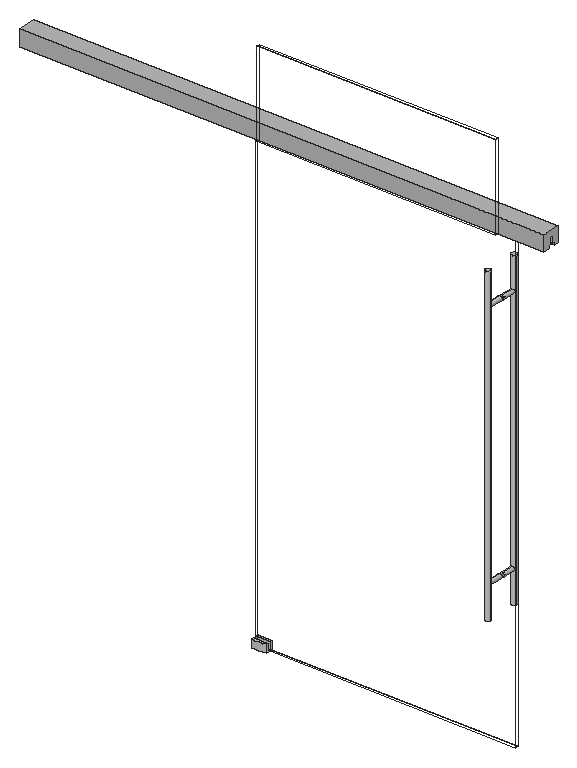
Revit family "Doors_Sliding_Avanti_Systems_Polaris-Auto-Magnetic-Slider_Single-Glass-Mount-Dbl-Glazed", category Doors, Revit 2015 (continued)
Definition of nested family "Rail-Detail"
  Lines and regions (in)
    model lines, in view "Ref. Level"
      curve 12: arc (0.87642, -1.07804, 0) -> (0.89912, -1.03347, 0) -> (0.87642, -0.9889, 0) r 0.05512
      curve 13: arc (0.87156, -0.97934, 0) -> (0.87285, -0.9847, 0) -> (0.87642, -0.9889, 0) r 0.01182
      curve 14: arc (0.87156, -0.94488, 0) -> (0.86925, -0.93932, 0) -> (0.86369, -0.93701, 0) r 0.00787
      curve 15: arc (0.82432, -0.93701, 0) -> (0.81875, -0.93932, 0) -> (0.81644, -0.94488, 0) r 0.00787
      curve 16: arc (0.81158, -0.98889, 0) -> (0.81516, -0.9847, 0) -> (0.81644, -0.97934, 0) r 0.01182
      curve 17: arc (0.80088, -0.9941, 0) -> (0.80493, -0.99338, 0) -> (0.80848, -0.99132, 0) r 0.0118
      curve 18: arc (0.74558, -0.98229, 0) -> (0.74903, -0.99064, 0) -> (0.75739, -0.9941, 0) r 0.01181
      curve 19: arc (0.75739, -0.88583, 0) -> (0.74903, -0.88929, 0) -> (0.74558, -0.89764, 0) r 0.01181
      curve 20: arc (1.00148, -0.89764, 0) -> (0.99802, -0.88929, 0) -> (0.98967, -0.88583, 0) r 0.01181
      curve 21: arc (1.00148, -1.09055, 0) -> (1.00494, -1.0989, 0) -> (1.01329, -1.10236, 0) r 0.01181
      curve 22: arc (1.26526, -1.10236, 0) -> (1.27361, -1.0989, 0) -> (1.27707, -1.09055, 0) r 0.01181
      curve 23: arc (1.27707, 0.68898, 0) -> (1.26554, 0.71682, 0) -> (1.2377, 0.72835, 0) r 0.03937
      curve 24: arc (1.21802, 0.74016, 0) -> (1.22148, 0.73181, 0) -> (1.22983, 0.72835, 0) r 0.01181
      curve 25: arc (1.21802, 1.01968, 0) -> (1.21571, 1.02525, 0) -> (1.21014, 1.02756, 0) r 0.00788
      curve 26: arc (0.844, 1.09843, 0) -> (0.80857, 1.06299, 0) -> (0.844, 1.02756, 0) r 0.03543
      curve 27: arc (1.07629, 1.09843, 0) -> (1.08185, 1.10073, 0) -> (1.08416, 1.1063, 0) r 0.00787
      curve 28: arc (1.09204, 1.16142, 0) -> (1.08647, 1.15911, 0) -> (1.08416, 1.15354, 0) r 0.00788
      curve 29: arc (-1.25049, 0.88583, 0) -> (-1.25884, 0.88237, 0) -> (-1.2623, 0.87402, 0) r 0.01181
      curve 30: arc (-1.2623, -0.87402, 0) -> (-1.25884, -0.88237, 0) -> (-1.25049, -0.88583, 0) r 0.01181
      curve 31: arc (-0.46309, -0.9941, 0) -> (-0.45474, -0.99064, 0) -> (-0.45128, -0.98229, 0) r 0.01181
      curve 32: arc (-0.51419, -0.99132, 0) -> (-0.51689, -0.98918, 0) -> (-0.51971, -0.98722, 0) r 0.05492
      curve 33: arc (0.82235, 0.88583, 0) -> (0.814, 0.88237, 0) -> (0.81054, 0.87402, 0) r 0.01181
      curve 34: arc (-0.1875, 1.02362, 0) -> (-0.19585, 1.02017, 0) -> (-0.19931, 1.01181, 0) r 0.01181
      curve 35: arc (-0.21112, 0.95669, 0) -> (-0.20277, 0.96015, 0) -> (-0.19931, 0.9685, 0) r 0.01181
      curve 36: arc (-0.49065, 0.95669, 0) -> (-0.499, 0.95323, 0) -> (-0.50246, 0.94488, 0) r 0.01181
      curve 37: arc (-0.50246, 0.85827, 0) -> (-0.499, 0.84992, 0) -> (-0.49065, 0.84646, 0) r 0.01181
      curve 38: arc (-0.39616, 0.83465, 0) -> (-0.39962, 0.843, 0) -> (-0.40797, 0.84646, 0) r 0.01181
      curve 39: arc (-0.40797, 0.72835, 0) -> (-0.39962, 0.73181, 0) -> (-0.39616, 0.74016, 0) r 0.01181
      curve 40: arc (-0.50593, 0.73181, 0) -> (-0.50209, 0.72925, 0) -> (-0.49756, 0.72835, 0) r 0.01184
      curve 41: arc (-0.60088, 0.83166, 0) -> (-0.59998, 0.82715, 0) -> (-0.59743, 0.82332, 0) r 0.0118
      curve 42: arc (-0.60088, 0.87402, 0) -> (-0.60434, 0.88237, 0) -> (-0.61269, 0.88583, 0) r 0.01181
      curve 43: arc (1.13337, 0.87402, 0) -> (1.12991, 0.88237, 0) -> (1.12156, 0.88583, 0) r 0.01181
      curve 44: arc (0.81054, 0.8189, 0) -> (0.814, 0.81054, 0) -> (0.82235, 0.80709, 0) r 0.01181
      curve 45: arc (0.86369, 0.79528, 0) -> (0.86023, 0.80363, 0) -> (0.85188, 0.80709, 0) r 0.01181
      curve 46: arc (0.85188, 0.72835, 0) -> (0.86023, 0.73181, 0) -> (0.86369, 0.74016, 0) r 0.01181
      curve 47: arc (0.59991, 0.84646, 0) -> (0.59155, 0.843, 0) -> (0.58809, 0.83465, 0) r 0.01181
      curve 48: arc (0.68258, 0.84646, 0) -> (0.69094, 0.84992, 0) -> (0.69439, 0.85827, 0) r 0.01181
      curve 49: arc (-0.45128, -0.89764, 0) -> (-0.45474, -0.88929, 0) -> (-0.46309, -0.88583, 0) r 0.01181
      curve 50: arc (-0.51419, -0.99132, 0) -> (-0.51063, -0.99338, 0) -> (-0.50658, -0.9941, 0) r 0.0118
      curve 51: arc (-0.57969, -0.98722, 0) -> (-0.60482, -1.03347, 0) -> (-0.57969, -1.07971, 0) r 0.05512
      curve 52: arc (-0.51971, -1.07971, 0) -> (-0.51688, -1.07775, 0) -> (-0.51418, -1.07562, 0) r 0.05538
      curve 53: arc (-0.50657, -1.07284, 0) -> (-0.51062, -1.07355, 0) -> (-0.51418, -1.07562, 0) r 0.01182
      curve 54: arc (-0.45128, -1.08465, 0) -> (-0.45474, -1.0763, 0) -> (-0.46309, -1.07284, 0) r 0.01181
      curve 55: arc (-0.46309, -1.18111, 0) -> (-0.45474, -1.17765, 0) -> (-0.45128, -1.16929, 0) r 0.01181
      curve 56: arc (-1.41978, -1.10236, 0) -> (-1.39672, -1.15804, 0) -> (-1.34104, -1.18111, 0) r 0.07874
      curve 57: arc (-1.34104, 1.1811, 0) -> (-1.39672, 1.15804, 0) -> (-1.41978, 1.10236, 0) r 0.07874
      curve 58: arc (0.5881, 0.74016, 0) -> (0.59155, 0.73181, 0) -> (0.59991, 0.72835, 0) r 0.01181
      curve 59: arc (0.78638, 1.17372, 0) -> (0.78203, 1.17909, 0) -> (0.77543, 1.1811, 0) r 0.01181
      curve 60: arc (0.78638, 1.17372, 0) -> (0.80463, 1.16142, 0) -> (0.82288, 1.17372, 0) r 0.01969
      curve 61: arc (0.83383, 1.1811, 0) -> (0.82723, 1.17909, 0) -> (0.82288, 1.17372, 0) r 0.01181
      curve 62: arc (0.69439, 0.94488, 0) -> (0.69094, 0.95323, 0) -> (0.68258, 0.95669, 0) r 0.01181
      curve 63: arc (0.39124, 0.9685, 0) -> (0.3947, 0.96015, 0) -> (0.40305, 0.95669, 0) r 0.01181
      curve 64: arc (0.39124, 1.01181, 0) -> (0.38779, 1.02017, 0) -> (0.37943, 1.02362, 0) r 0.01181
      curve 65: arc (1.20893, 0.9635, 0) -> (1.21547, 0.96767, 0) -> (1.21802, 0.975, 0) r 0.01181
      curve 66: arc (1.20893, 0.9635, 0) -> (1.17865, 0.9252, 0) -> (1.20893, 0.88689, 0) r 0.03937
      curve 67: arc (1.21802, 0.8754, 0) -> (1.21547, 0.88272, 0) -> (1.20893, 0.88689, 0) r 0.01181
      curve 68: arc (1.20621, 0.72835, 0) -> (1.21456, 0.73181, 0) -> (1.21802, 0.74016, 0) r 0.01181
      curve 69: arc (1.08022, 0.74016, 0) -> (1.08368, 0.73181, 0) -> (1.09203, 0.72835, 0) r 0.01181
      curve 70: arc (1.09203, 0.80709, 0) -> (1.08368, 0.80363, 0) -> (1.08022, 0.79528, 0) r 0.01181
      curve 71: arc (1.12156, 0.80709, 0) -> (1.12991, 0.81054, 0) -> (1.13337, 0.8189, 0) r 0.01181
      curve 72: arc (-1.09695, -1.04331, 0) -> (-1.09464, -1.04888, 0) -> (-1.08907, -1.05118, 0) r 0.00787
      curve 73: arc (-0.6875, -1.05118, 0) -> (-0.68193, -1.04888, 0) -> (-0.67962, -1.04331, 0) r 0.00787
      curve 74: arc (-0.67175, -0.88583, 0) -> (-0.67732, -0.88813, 0) -> (-0.67962, -0.8937, 0) r 0.00787
      curve 75: arc (-1.09695, -0.8937, 0) -> (-1.09925, -0.88814, 0) -> (-1.10482, -0.88583, 0) r 0.00787
      curve 76: arc (-1.08907, 1.05118, 0) -> (-1.09463, 1.04888, 0) -> (-1.09695, 1.04332, 0) r 0.00788
      curve 77: arc (-1.10482, 0.88583, 0) -> (-1.09925, 0.88814, 0) -> (-1.09695, 0.8937, 0) r 0.00787
      curve 78: arc (-0.67962, 1.0433, 0) -> (-0.68193, 1.04888, 0) -> (-0.6875, 1.05118, 0) r 0.00788
      curve 79: arc (-0.67962, 0.8937, 0) -> (-0.67732, 0.88813, 0) -> (-0.67175, 0.88583, 0) r 0.00787
      curve 80: arc (-0.53002, -1.12992, 0) -> (-0.52445, -1.12762, 0) -> (-0.52214, -1.12205, 0) r 0.00787
      curve 81: arc (-0.57726, -1.12205, 0) -> (-0.57495, -1.12762, 0) -> (-0.56939, -1.12992, 0) r 0.00787
      curve 82: arc (-0.56939, -0.93701, 0) -> (-0.57495, -0.93932, 0) -> (-0.57726, -0.94488, 0) r 0.00787
      curve 83: arc (-0.52214, -0.94488, 0) -> (-0.52445, -0.93932, 0) -> (-0.53002, -0.93701, 0) r 0.00787
      curve 84: arc (1.08022, 1.16929, 0) -> (1.07676, 1.17764, 0) -> (1.06841, 1.1811, 0) r 0.01181
      curve 85: arc (1.04085, 1.10236, 0) -> (1.06869, 1.1139, 0) -> (1.08022, 1.14173, 0) r 0.03937
      curve 86: arc (0.99314, 1.10691, 0) -> (0.99728, 1.10356, 0) -> (1.00246, 1.10236, 0) r 0.01181
      curve 87: arc (0.99314, 1.10691, 0) -> (0.96211, 1.12205, 0) -> (0.93108, 1.10691, 0) r 0.03937
      curve 88: arc (0.92177, 1.10236, 0) -> (0.92695, 1.10356, 0) -> (0.93108, 1.10691, 0) r 0.01181
      curve 89: arc (0.844, 1.10236, 0) -> (0.80463, 1.06299, 0) -> (0.844, 1.02362, 0) r 0.03937
      curve 90: arc (0.93108, 1.01908, 0) -> (0.92695, 1.02243, 0) -> (0.92177, 1.02362, 0) r 0.01181
      curve 91: arc (0.93108, 1.01908, 0) -> (0.96211, 1.00394, 0) -> (0.99314, 1.01908, 0) r 0.03937
      curve 92: arc (1.00246, 1.02362, 0) -> (0.99727, 1.02243, 0) -> (0.99314, 1.01908, 0) r 0.01181
      curve 93: arc (1.21802, 1.01181, 0) -> (1.21456, 1.02017, 0) -> (1.20621, 1.02362, 0) r 0.01181
      curve 94: line (-1.03396, 1, 0) -> (-0.74262, 1, 0)
      curve 95: line (-1.04773, 0.84252, 0) -> (-1.04773, 0.89626, 0)
      curve 96: line (-0.72884, 0.89626, 0) -> (-0.72884, 0.84252, 0)
      curve 97: line (-1.03396, -1, 0) -> (-0.74262, -1, 0)
      curve 98: line (-0.72884, -0.89626, 0) -> (-0.72884, -0.84252, 0)
      curve 99: line (-1.04577, -0.84252, 0) -> (-1.04577, -0.89626, 0)
      curve 100: line (1.33613, -1.10236, 0) -> (1.33613, 1.08268, 0)
      curve 101: line (0.75739, -1.18111, 0) -> (1.25739, -1.18111, 0)
      curve 102: line (0.75739, -1.07284, 0) -> (0.80087, -1.07284, 0)
      curve 103: line (0.81644, -1.08759, 0) -> (0.81644, -1.12205, 0)
      curve 104: line (0.82432, -1.12992, 0) -> (0.86369, -1.12992, 0)
      curve 105: line (0.87156, -1.12205, 0) -> (0.87156, -1.08759, 0)
      curve 106: line (0.87156, -0.97934, 0) -> (0.87156, -0.94488, 0)
      curve 107: line (0.86369, -0.93701, 0) -> (0.82432, -0.93701, 0)
      curve 108: line (0.81644, -0.94488, 0) -> (0.81644, -0.97934, 0)
      curve 109: line (0.80088, -0.9941, 0) -> (0.75739, -0.9941, 0)
      curve 110: line (0.75739, -0.88583, 0) -> (0.98967, -0.88583, 0)
      curve 111: line (1.26526, -1.10236, 0) -> (1.01329, -1.10236, 0)
      curve 112: line (1.27707, 0.68898, 0) -> (1.27707, -1.09055, 0)
      curve 113: line (1.22983, 0.72835, 0) -> (1.2377, 0.72835, 0)
      curve 114: line (1.21802, 1.01968, 0) -> (1.21802, 0.74016, 0)
      curve 115: line (1.21802, 0.74016, 0) -> (1.21802, 0.8754, 0)
      curve 116: line (1.00246, 1.02362, 0) -> (1.20621, 1.02362, 0)
      curve 117: line (1.21014, 1.02756, 0) -> (0.844, 1.02756, 0)
      curve 118: line (0.844, 1.02362, 0) -> (0.92177, 1.02362, 0)
      curve 119: line (0.92177, 1.10236, 0) -> (0.844, 1.10236, 0)
      curve 120: line (0.844, 1.09843, 0) -> (1.07629, 1.09843, 0)
      curve 121: line (1.08416, 1.1063, 0) -> (1.08416, 1.15354, 0)
      curve 122: line (1.25739, 1.16142, 0) -> (1.09204, 1.16142, 0)
      curve 123: line (0.74558, -0.89764, 0) -> (0.74558, -0.98229, 0)
      curve 124: line (1.00148, -1.09055, 0) -> (1.00148, -0.89764, 0)
      curve 125: line (0.74558, -1.08465, 0) -> (0.74558, -1.16929, 0)
      curve 126: line (-1.25049, 0.88583, 0) -> (-1.10482, 0.88583, 0)
      curve 127: line (-1.2623, -0.87402, 0) -> (-1.2623, 0.87402, 0)
      curve 128: line (-0.50658, -0.9941, 0) -> (-0.46309, -0.9941, 0)
      curve 129: line (0.82235, 0.88583, 0) -> (1.12156, 0.88583, 0)
      curve 130: line (-0.19931, 0.9685, 0) -> (-0.19931, 1.01181, 0)
      curve 131: line (-0.49065, 0.95669, 0) -> (-0.21112, 0.95669, 0)
      curve 132: line (-0.50246, 0.85827, 0) -> (-0.50246, 0.94488, 0)
      curve 133: line (-0.40797, 0.84646, 0) -> (-0.49065, 0.84646, 0)
      curve 134: line (-0.39616, 0.74016, 0) -> (-0.39616, 0.83465, 0)
      curve 135: line (-0.49756, 0.72835, 0) -> (-0.40797, 0.72835, 0)
      curve 136: line (-0.59743, 0.82332, 0) -> (-0.50593, 0.73181, 0)
      curve 137: line (-0.60088, 0.87402, 0) -> (-0.60088, 0.83166, 0)
      curve 138: line (-0.67175, 0.88583, 0) -> (-0.61269, 0.88583, 0)
      curve 139: line (1.13337, 0.87402, 0) -> (1.13337, 0.8189, 0)
      curve 140: line (0.81054, 0.8189, 0) -> (0.81054, 0.87402, 0)
      curve 141: line (0.85188, 0.80709, 0) -> (0.82235, 0.80709, 0)
      curve 142: line (0.86369, 0.74016, 0) -> (0.86369, 0.79528, 0)
      curve 143: line (0.59991, 0.72835, 0) -> (0.85188, 0.72835, 0)
      curve 144: line (0.58809, 0.83465, 0) -> (0.58809, 0.74016, 0)
      curve 145: line (0.68258, 0.84646, 0) -> (0.59991, 0.84646, 0)
      curve 146: line (-1.10482, -0.88583, 0) -> (-1.25049, -0.88583, 0)
      curve 147: line (-0.46309, -0.88583, 0) -> (-0.67175, -0.88583, 0)
      curve 148: line (-0.45128, -0.98229, 0) -> (-0.45128, -0.89764, 0)
      curve 149: line (-0.1875, 1.02362, 0) -> (0.07628, 1.02362, 0)
      curve 150: line (0.07628, 1.02362, 0) -> (0.09597, 1.04331, 0)
      curve 151: line (0.09597, 1.04331, 0) -> (0.11565, 1.02362, 0)
      curve 152: line (0.11565, 1.02362, 0) -> (0.37943, 1.02362, 0)
      curve 153: line (-0.46309, -1.07284, 0) -> (-0.50657, -1.07284, 0)
      curve 154: line (-0.45128, -1.16929, 0) -> (-0.45128, -1.08465, 0)
      curve 155: line (-1.34104, -1.18111, 0) -> (-0.46309, -1.18111, 0)
      curve 156: line (-1.41978, 1.10236, 0) -> (-1.41978, -1.10236, 0)
      curve 157: line (1.06841, 1.1811, 0) -> (0.83383, 1.1811, 0)
      curve 158: line (0.69439, 0.94488, 0) -> (0.69439, 0.85827, 0)
      curve 159: line (0.39124, 1.01181, 0) -> (0.39124, 0.9685, 0)
      curve 160: line (1.09203, 0.72835, 0) -> (1.20621, 0.72835, 0)
      curve 161: line (1.08022, 0.79528, 0) -> (1.08022, 0.74016, 0)
      curve 162: line (1.12156, 0.80709, 0) -> (1.09203, 0.80709, 0)
      curve 163: line (0.40305, 0.95669, 0) -> (0.68258, 0.95669, 0)
      curve 164: line (-1.09695, 1.04332, 0) -> (-1.09695, 0.8937, 0)
      curve 165: line (-0.6875, 1.05118, 0) -> (-1.08907, 1.05118, 0)
      curve 166: line (-0.67962, 0.8937, 0) -> (-0.67962, 1.0433, 0)
      curve 167: line (-0.67962, -1.04331, 0) -> (-0.67962, -0.8937, 0)
      curve 168: line (-1.08907, -1.05118, 0) -> (-0.6875, -1.05118, 0)
      curve 169: line (-1.09695, -0.8937, 0) -> (-1.09695, -1.04331, 0)
      curve 170: line (-0.57726, -1.08181, 0) -> (-0.57726, -1.12205, 0)
      curve 171: line (-0.52214, -1.12205, 0) -> (-0.52214, -1.08181, 0)
      curve 172: line (-0.52214, -0.98513, 0) -> (-0.52214, -0.94488, 0)
      curve 173: line (-0.57726, -0.94488, 0) -> (-0.57726, -0.98513, 0)
      curve 174: line (-0.53002, -1.12992, 0) -> (-0.56939, -1.12992, 0)
      curve 175: line (-0.56939, -0.93701, 0) -> (-0.53002, -0.93701, 0)
      curve 176: line (0.77543, 1.1811, 0) -> (-1.34104, 1.1811, 0)
      curve 177: line (1.08022, 1.14173, 0) -> (1.08022, 1.16929, 0)
      curve 178: line (1.00246, 1.10236, 0) -> (1.04085, 1.10236, 0)
      curve 179: line (1.21802, 0.975, 0) -> (1.21802, 1.01181, 0)
      curve 180: arc (-0.72476, 0.90317, 0) -> (-0.72774, 0.90027, 0) -> (-0.72884, 0.89626, 0) r 0.00789
      curve 181: arc (-0.72476, 0.90317, 0) -> (-0.71407, 0.92126, 0) -> (-0.72476, 0.93936, 0) r 0.02067
      curve 182: arc (-0.72884, 0.94626, 0) -> (-0.72774, 0.94225, 0) -> (-0.72476, 0.93936, 0) r 0.00787
      curve 183: arc (-1.05181, 0.93936, 0) -> (-1.04883, 0.94225, 0) -> (-1.04773, 0.94626, 0) r 0.00787
      curve 184: arc (-1.05181, 0.93936, 0) -> (-1.0625, 0.92126, 0) -> (-1.05181, 0.90317, 0) r 0.02067
      curve 185: arc (-1.04773, 0.89626, 0) -> (-1.04883, 0.90027, 0) -> (-1.05181, 0.90317, 0) r 0.00789
      curve 186: arc (-1.07529, 1.04331, 0) -> (-1.08365, 1.03984, 0) -> (-1.0871, 1.03148, 0) r 0.01181
      curve 187: arc (-0.68947, 1.0315, 0) -> (-0.69293, 1.03985, 0) -> (-0.70128, 1.04331, 0) r 0.01181
      curve 188: arc (-1.03592, 1, 0) -> (-1.04427, 0.99654, 0) -> (-1.04773, 0.98818, 0) r 0.01182
      curve 189: arc (-1.05954, 0.84646, 0) -> (-1.05119, 0.84992, 0) -> (-1.04773, 0.85827, 0) r 0.01181
      curve 190: arc (-0.72884, 0.98818, 0) -> (-0.7323, 0.99654, 0) -> (-0.74065, 1, 0) r 0.01182
      curve 191: arc (-0.72884, 0.85827, 0) -> (-0.72538, 0.84992, 0) -> (-0.71703, 0.84646, 0) r 0.01181
      curve 192: arc (-0.6245, 0.84646, 0) -> (-0.61615, 0.84992, 0) -> (-0.61269, 0.85827, 0) r 0.01181
      curve 193: arc (-0.61269, 0.87402, 0) -> (-0.61615, 0.88237, 0) -> (-0.6245, 0.88583, 0) r 0.01181
      curve 194: arc (-0.68947, 0.89764, 0) -> (-0.68601, 0.88929, 0) -> (-0.67766, 0.88583, 0) r 0.01181
      curve 195: arc (-1.09891, 0.88583, 0) -> (-1.09056, 0.88929, 0) -> (-1.0871, 0.89764, 0) r 0.01181
      curve 196: arc (-1.16388, 0.85827, 0) -> (-1.16042, 0.84992, 0) -> (-1.15207, 0.84646, 0) r 0.01181
      curve 197: arc (-1.15207, 0.88583, 0) -> (-1.16042, 0.88237, 0) -> (-1.16388, 0.87402, 0) r 0.01181
      curve 198: arc (-1.04773, -0.94626, 0) -> (-1.04883, -0.94226, 0) -> (-1.05181, -0.93936, 0) r 0.00787
      curve 199: arc (-0.72476, -0.93936, 0) -> (-0.72774, -0.94226, 0) -> (-0.72884, -0.94626, 0) r 0.00787
      curve 200: arc (-0.70128, -1.04331, 0) -> (-0.69293, -1.03985, 0) -> (-0.68947, -1.0315, 0) r 0.01181
      curve 201: arc (-1.04773, -0.98819, 0) -> (-1.04428, -0.99654, 0) -> (-1.03592, -1, 0) r 0.01181
      curve 202: arc (-1.04577, -0.85827, 0) -> (-1.04923, -0.84992, 0) -> (-1.05758, -0.84646, 0) r 0.01181
      curve 203: arc (-0.74065, -1, 0) -> (-0.7323, -0.99654, 0) -> (-0.72884, -0.98819, 0) r 0.01181
      curve 204: arc (-0.71702, -0.84646, 0) -> (-0.72538, -0.84992, 0) -> (-0.72884, -0.85827, 0) r 0.01181
      curve 205: arc (-0.61269, -0.85827, 0) -> (-0.61615, -0.84992, 0) -> (-0.62451, -0.84646, 0) r 0.01181
      curve 206: arc (-0.62451, -0.88583, 0) -> (-0.61615, -0.88237, 0) -> (-0.61269, -0.87402, 0) r 0.01181
      curve 207: arc (-0.67766, -0.88583, 0) -> (-0.68601, -0.88929, 0) -> (-0.68947, -0.89764, 0) r 0.01181
      curve 208: arc (-1.0871, -0.89764, 0) -> (-1.09056, -0.88929, 0) -> (-1.09891, -0.88583, 0) r 0.01181
      curve 209: arc (-1.15206, -0.84646, 0) -> (-1.16042, -0.84992, 0) -> (-1.16388, -0.85827, 0) r 0.01181
      curve 210: arc (-1.16388, -0.87402, 0) -> (-1.16042, -0.88237, 0) -> (-1.15206, -0.88583, 0) r 0.01181
      curve 211: arc (-1.0871, -1.0315, 0) -> (-1.08365, -1.03985, 0) -> (-1.07529, -1.04331, 0) r 0.01181
      curve 212: arc (-1.05181, -0.90316, 0) -> (-1.04883, -0.90027, 0) -> (-1.04773, -0.89626, 0) r 0.00787
      curve 213: arc (-0.72884, -0.89626, 0) -> (-0.72774, -0.90027, 0) -> (-0.72476, -0.90316, 0) r 0.00787
      curve 214: arc (-1.05181, -0.90316, 0) -> (-1.0625, -0.92126, 0) -> (-1.05181, -0.93936, 0) r 0.02067
      curve 215: arc (-0.72476, -0.93936, 0) -> (-0.71407, -0.92126, 0) -> (-0.72476, -0.90316, 0) r 0.02067
      curve 216: line (-0.67766, 0.88583, 0) -> (-0.6245, 0.88583, 0)
      curve 217: line (-0.61269, 0.87402, 0) -> (-0.61269, 0.85827, 0)
      curve 218: line (-0.6245, 0.84646, 0) -> (-0.71703, 0.84646, 0)
      curve 219: line (-0.72884, 0.85827, 0) -> (-0.72884, 0.89626, 0)
      curve 220: line (-0.72884, 0.94626, 0) -> (-0.72884, 0.98818, 0)
      curve 221: line (-0.74065, 1, 0) -> (-1.03592, 1, 0)
      curve 222: line (-1.04773, 0.98818, 0) -> (-1.04773, 0.94626, 0)
      curve 223: line (-1.04773, 0.89626, 0) -> (-1.04773, 0.85827, 0)
      curve 224: line (-1.05954, 0.84646, 0) -> (-1.15207, 0.84646, 0)
      curve 225: line (-1.16388, 0.85827, 0) -> (-1.16388, 0.87402, 0)
      curve 226: line (-1.15207, 0.88583, 0) -> (-1.09891, 0.88583, 0)
      curve 227: line (-1.07529, 1.04331, 0) -> (-0.70128, 1.04331, 0)
      curve 228: line (-0.68947, 1.0315, 0) -> (-0.68947, 0.89764, 0)
      curve 229: line (-1.0871, 0.89764, 0) -> (-1.0871, 1.03148, 0)
      curve 230: line (-0.70128, -1.04331, 0) -> (-1.07529, -1.04331, 0)
      curve 231: line (-0.62451, -0.84646, 0) -> (-0.71702, -0.84646, 0)
      curve 232: line (-0.61269, -0.87402, 0) -> (-0.61269, -0.85827, 0)
      curve 233: line (-0.67766, -0.88583, 0) -> (-0.62451, -0.88583, 0)
      curve 234: line (-1.15206, -0.88583, 0) -> (-1.09891, -0.88583, 0)
      curve 235: line (-1.16388, -0.85827, 0) -> (-1.16388, -0.87402, 0)
      curve 236: line (-1.05758, -0.84646, 0) -> (-1.15206, -0.84646, 0)
      curve 237: line (-1.04577, -0.89626, 0) -> (-1.04577, -0.85827, 0)
      curve 238: line (-0.74065, -1, 0) -> (-1.03592, -1, 0)
      curve 239: line (-0.72884, -0.94626, 0) -> (-0.72884, -0.98819, 0)
      curve 240: line (-0.72884, -0.85827, 0) -> (-0.72884, -0.89626, 0)
      curve 241: line (-1.04773, -0.98819, 0) -> (-1.04773, -0.94626, 0)
      curve 242: line (-0.68947, -1.0315, 0) -> (-0.68947, -0.89764, 0)
      curve 243: line (-1.0871, -0.89764, 0) -> (-1.0871, -1.0315, 0)
      curve 244: arc (0.91005, 0.71109, 0) -> (0.77573, 0.72832, 0) -> (0.6418, 0.70829, 0) r 0.49218
      curve 245: arc (-0.99964, 0.71542, 0) -> (-0.88829, 0.66929, 0) -> (-0.77693, 0.71542, 0) r 0.15748
      curve 246: arc (-0.99964, 0.54219, 0) -> (-0.88829, 0.49606, 0) -> (-0.77693, 0.54219, 0) r 0.15748
      curve 247: arc (-0.46, 0.66929, 0) -> (-0.4688, 0.66385, 0) -> (-0.46787, 0.65354, 0) r 0.00984
      curve 248: arc (0.71591, -0.49409, 0) -> (0.70199, -0.49986, 0) -> (0.69623, -0.51378, 0) r 0.01969
      curve 249: arc (0.87339, -0.49409, 0) -> (0.88731, -0.48833, 0) -> (0.89308, -0.47441, 0) r 0.01969
      curve 250: arc (0.89308, -0.3563, 0) -> (0.88926, -0.34465, 0) -> (0.8793, -0.33752, 0) r 0.01969
      curve 251: arc (1.15621, 0.54584, 0) -> (1.13067, 0.56291, 0) -> (1.10054, 0.5689, 0) r 0.07873
      curve 252: arc (1.15621, 0.49016, 0) -> (1.16495, 0.518, 0) -> (1.15621, 0.54584, 0) r 0.04871
      curve 253: arc (1.15621, -0.70725, 0) -> (1.16495, -0.67941, 0) -> (1.15621, -0.65157, 0) r 0.04871
      curve 254: arc (1.10054, -0.73031, 0) -> (1.13067, -0.72432, 0) -> (1.15621, -0.70725, 0) r 0.07873
      curve 255: arc (1.2282, 0.41818, 0) -> (1.23694, 0.44601, 0) -> (1.2282, 0.47385, 0) r 0.04871
      curve 256: arc (1.2282, -0.63526, 0) -> (1.23694, -0.60743, 0) -> (1.2282, -0.57959, 0) r 0.04871
      curve 257: arc (1.2282, -0.63526, 0) -> (1.24527, -0.60972, 0) -> (1.25126, -0.57959, 0) r 0.07874
      curve 258: arc (1.25126, 0.41818, 0) -> (1.24527, 0.44831, 0) -> (1.2282, 0.47385, 0) r 0.07874
      curve 259: arc (0.8793, 0.35433, 0) -> (0.86777, 0.38217, 0) -> (0.83993, 0.3937, 0) r 0.03937
      curve 260: arc (0.83993, -0.47244, 0) -> (0.86777, -0.46091, 0) -> (0.8793, -0.43307, 0) r 0.03937
      curve 261: arc (0.61532, 0.61024, 0) -> (0.60704, 0.63859, 0) -> (0.58137, 0.6532, 0) r 0.03937
      curve 262: arc (0.58137, -0.50753, 0) -> (0.60577, -0.49443, 0) -> (0.61552, -0.46851, 0) r 0.03937
      curve 263: line (0.6667, -0.52858, 0) -> (0.69623, -0.52858, 0)
      curve 264: line (0.69623, -0.52858, 0) -> (0.6667, -0.52858, 0)
      curve 265: line (0.6667, -0.52858, 0) -> (0.69623, -0.52858, 0)
      curve 266: line (0.69623, -0.52858, 0) -> (0.6667, -0.52858, 0)
      curve 267: line (0.6667, -0.52858, 0) -> (0.69623, -0.52858, 0)
      curve 268: line (0.69623, -0.52858, 0) -> (0.6667, -0.52858, 0)
      curve 269: line (0.6667, -0.52858, 0) -> (0.69623, -0.52858, 0)
      curve 270: line (0.69623, -0.52858, 0) -> (0.6667, -0.52858, 0)
      curve 271: line (0.6667, -0.52858, 0) -> (0.6667, -0.55417, 0)
      curve 272: line (0.6667, -0.55417, 0) -> (0.69623, -0.55417, 0)
      curve 273: line (0.8793, -0.24596, 0) -> (0.91005, -0.23865, 0)
      curve 274: line (0.91005, -0.23865, 0) -> (0.93835, -0.21034, 0)
      curve 275: line (0.93835, -0.21034, 0) -> (0.93835, -0.04367, 0)
      curve 276: line (0.93835, -0.04367, 0) -> (0.93835, 0.68278, 0)
      curve 277: line (0.93835, 0.68278, 0) -> (0.91005, 0.71109, 0)
      curve 278: line (0.91005, 0.71109, 0) -> (0.91005, -0.06141, 0)
      curve 279: line (0.91005, -0.06141, 0) -> (0.91005, -0.23865, 0)
      curve 280: line (0.6418, 0.3937, 0) -> (0.6418, 0.70829, 0)
      curve 281: line (0.6418, 0.70829, 0) -> (0.6225, 0.66929, 0)
      curve 282: line (-0.65206, 0.73228, 0) -> (-0.65206, 0.74803, 0)
      curve 283: line (-0.65206, 0.74803, 0) -> (-0.67175, 0.76772, 0)
      curve 284: line (-0.67175, 0.76772, 0) -> (-0.72463, 0.76772, 0)
      curve 285: line (-0.72463, 0.76772, 0) -> (-0.77693, 0.71542, 0)
      curve 286: line (-0.77693, 0.71542, 0) -> (-0.77693, 0.54219, 0)
      curve 287: line (0.93835, 0.13779, 0) -> (0.94623, 0.13779, 0)
      curve 288: line (0.94623, 0.13779, 0) -> (0.95804, 0.14961, 0)
      curve 289: line (0.95804, 0.14961, 0) -> (0.95804, 0.32283, 0)
      curve 290: line (0.95804, 0.32283, 0) -> (0.94623, 0.33465, 0)
      curve 291: line (0.94623, 0.33465, 0) -> (0.93835, 0.33465, 0)
      curve 292: line (-1.12451, 0.54974, 0) -> (-1.12451, -0.76378, 0)
      curve 293: line (-1.12451, -0.76378, 0) -> (-1.10482, -0.78347, 0)
      curve 294: line (-1.10482, -0.78347, 0) -> (-1.05194, -0.78347, 0)
      curve 295: line (-1.05194, -0.78347, 0) -> (-0.99964, -0.73116, 0)
      curve 296: line (-0.99964, -0.73116, 0) -> (-0.99964, 0.54219, 0)
      curve 297: line (-0.99964, 0.54219, 0) -> (-1.05194, 0.59449, 0)
      curve 298: line (-1.05194, 0.59449, 0) -> (-1.10482, 0.59449, 0)
      curve 299: line (-1.10482, 0.59449, 0) -> (-1.12451, 0.57481, 0)
      curve 300: line (-1.12451, 0.57481, 0) -> (-1.12451, 0.54974, 0)
      curve 301: line (-0.77693, -0.73116, 0) -> (-0.72463, -0.78347, 0)
      curve 302: line (-0.72463, -0.78347, 0) -> (-0.67175, -0.78347, 0)
      curve 303: line (-0.67175, -0.78347, 0) -> (-0.65206, -0.76378, 0)
      curve 304: line (-0.65206, -0.76378, 0) -> (-0.65206, 0.57481, 0)
      curve 305: line (-0.65206, 0.57481, 0) -> (-0.67175, 0.59449, 0)
      curve 306: line (-0.67175, 0.59449, 0) -> (-0.72463, 0.59449, 0)
      curve 307: line (-0.72463, 0.59449, 0) -> (-0.77693, 0.54219, 0)
      curve 308: line (-0.77693, 0.54219, 0) -> (-0.77693, -0.73116, 0)
      curve 309: line (-0.65206, 0.57481, 0) -> (-0.65206, 0.73228, 0)
      curve 310: line (-1.12451, 0.73228, 0) -> (-1.12451, 0.74803, 0)
      curve 311: line (-1.12451, 0.74803, 0) -> (-1.10482, 0.76772, 0)
      curve 312: line (-1.10482, 0.76772, 0) -> (-1.05194, 0.76772, 0)
      curve 313: line (-1.05194, 0.76772, 0) -> (-0.99964, 0.71542, 0)
      curve 314: line (-0.99964, 0.71542, 0) -> (-0.99964, 0.54219, 0)
      curve 315: line (-0.63238, 0.14961, 0) -> (-0.65206, 0.14961, 0)
      curve 316: line (-0.65206, -0.33858, 0) -> (-0.63238, -0.33858, 0)
      curve 317: line (-0.63238, 0.30709, 0) -> (-0.65206, 0.30709, 0)
      curve 318: line (0.61532, 0.3937, 0) -> (0.83993, 0.3937, 0)
      curve 319: line (0.83993, 0.3937, 0) -> (0.8793, 0.3937, 0)
      curve 320: line (0.8793, 0.3937, 0) -> (0.8793, 0.35433, 0)
      curve 321: line (0.8793, 0.35433, 0) -> (0.8793, -0.43307, 0)
      curve 322: line (0.8793, -0.43307, 0) -> (0.8793, -0.47244, 0)
      curve 323: line (0.8793, -0.47244, 0) -> (0.83993, -0.47244, 0)
      curve 324: line (0.83993, -0.47244, 0) -> (0.61532, -0.47244, 0)
      curve 325: line (0.61532, -0.47244, 0) -> (0.61532, 0.61024, 0)
      curve 326: line (0.62339, 0.3937, 0) -> (0.62339, 0.67109, 0)
      curve 327: line (0.6225, 0.66929, 0) -> (-0.46, 0.66929, 0)
      curve 328: line (0.93835, 0.5689, 0) -> (1.10054, 0.5689, 0)
      curve 329: line (1.10054, 0.5689, 0) -> (1.10054, 0.49016, 0)
      curve 330: line (1.10054, 0.49016, 0) -> (1.10054, -0.65157, 0)
      curve 331: line (1.10054, -0.65157, 0) -> (0.69623, -0.65157, 0)
      curve 332: line (0.69623, -0.65157, 0) -> (0.69623, -0.51378, 0)
      curve 333: line (0.71591, -0.49409, 0) -> (0.87339, -0.49409, 0)
      curve 334: line (0.89308, -0.47441, 0) -> (0.89308, -0.3563, 0)
      curve 335: line (0.93835, 0.49016, 0) -> (1.10054, 0.49016, 0)
      curve 336: line (1.10054, 0.49016, 0) -> (1.15621, 0.49016, 0)
      curve 337: line (1.15621, 0.49016, 0) -> (1.15621, -0.65157, 0)
      curve 338: line (1.15621, -0.65157, 0) -> (1.10054, -0.65157, 0)
      curve 339: line (1.10054, -0.65157, 0) -> (1.10054, -0.73031, 0)
      curve 340: line (1.10054, -0.73031, 0) -> (0.69623, -0.73031, 0)
      curve 341: line (0.69623, -0.73031, 0) -> (0.69623, -0.65157, 0)
      curve 342: line (1.2282, 0.41818, 0) -> (1.15621, 0.49016, 0)
      curve 343: line (1.15621, 0.54584, 0) -> (1.2282, 0.47385, 0)
      curve 344: line (1.2282, -0.63526, 0) -> (1.15621, -0.70725, 0)
      curve 345: line (1.15621, -0.65157, 0) -> (1.2282, -0.57959, 0)
      curve 346: line (1.2282, -0.57959, 0) -> (1.2282, 0.41818, 0)
      curve 347: line (1.2282, 0.41818, 0) -> (1.25126, 0.41818, 0)
      curve 348: line (1.25126, 0.41818, 0) -> (1.25126, -0.57959, 0)
      curve 349: line (1.25126, -0.57959, 0) -> (1.2282, -0.57959, 0)
      curve 350: line (0.75331, -0.47244, 0) -> (0.75331, -0.49409, 0)
      curve 351: line (0.79268, -0.49409, 0) -> (0.79268, -0.47244, 0)
      curve 352: line (-0.67175, -0.78347, 0) -> (-0.67175, 0.76772, 0)
      curve 353: line (-0.65206, 0.59055, 0) -> (-0.64025, 0.59055, 0)
      curve 354: line (-0.62004, -0.59055, 0) -> (-0.63238, -0.59055, 0)
      curve 355: line (-0.56039, -0.59055, 0) -> (-0.65206, -0.59055, 0)
      curve 356: line (-0.63238, -0.59055, 0) -> (-0.63238, -0.54252, 0)
      curve 357: line (-0.36405, -0.78347, 0) -> (-0.00296, -0.78347, 0)
      curve 358: line (-0.00296, -0.78347, 0) -> (-0.00296, 0.17718, 0)
      curve 359: line (-0.27694, 0.17718, 0) -> (0.21444, 0.17718, 0)
      curve 360: line (0.21444, 0.17718, 0) -> (0.15068, 0.17694, 0)
      curve 361: line (0.62339, 0.43307, 0) -> (0.61532, 0.43307, 0)
      curve 362: line (0.18652, 0.39972, 0) -> (0.19789, 0.37587, 0)
      curve 363: line (0.19789, 0.37587, 0) -> (0.2062, 0.32874, 0)
      curve 364: line (0.2062, 0.32874, 0) -> (0.2062, 0.17718, 0)
      curve 365: line (-0.27694, 0.1811, 0) -> (-0.27694, 0.20079, 0)
      curve 366: line (-0.27694, 0.20079, 0) -> (0.18652, 0.20079, 0)
      curve 367: line (0.18652, 0.20079, 0) -> (0.18652, 0.17718, 0)
      curve 368: line (-1.05194, 0.76772, 0) -> (-1.05194, 0.59449, 0)
      curve 369: line (-1.05194, 0.59449, 0) -> (-1.05194, -0.78347, 0)
      curve 370: line (-1.10482, 0.76772, 0) -> (-1.10482, 0.59449, 0)
      curve 371: line (-1.10482, 0.59449, 0) -> (-1.10482, 0.56869, 0)
      curve 372: line (-1.10482, 0.56869, 0) -> (-1.10482, -0.78347, 0)
      curve 373: line (-0.72463, 0.76772, 0) -> (-0.72463, 0.59449, 0)
      curve 374: line (-0.72463, 0.59449, 0) -> (-0.72463, -0.78347, 0)
      curve 375: line (-1.12451, 0.57481, 0) -> (-1.12451, 0.73228, 0)
      curve 376: line (-0.56039, 0.61417, 0) -> (-0.64025, 0.61417, 0)
      curve 377: line (-0.64025, 0.61417, 0) -> (-0.64025, 0.65354, 0)
      curve 378: line (-0.64025, 0.65354, 0) -> (-0.56039, 0.65354, 0)
      curve 379: line (-0.64025, -0.46851, 0) -> (-0.64025, -0.33858, 0)
      curve 380: line (-0.64025, 0.30709, 0) -> (-0.64025, 0.61417, 0)
      curve 381: line (-0.65206, -0.51181, 0) -> (-0.63238, -0.50787, 0)
      curve 382: line (-0.64025, -0.50945, 0) -> (-0.64025, -0.46851, 0)
      curve 383: line (0.58137, -0.7441, 0) -> (0.58137, 0.61417, 0)
      curve 384: line (0.58137, 0.61417, 0) -> (0.58137, 0.65354, 0)
      curve 385: line (0.58137, 0.65354, 0) -> (0.37163, 0.65354, 0)
      curve 386: line (0.37163, 0.65354, 0) -> (0.18652, 0.65354, 0)
      curve 387: line (0.4846, 0.16142, 0) -> (0.4846, -0.78347, 0)
      curve 388: line (0.4846, -0.78347, 0) -> (0.15068, -0.78347, 0)
      curve 389: line (0.15068, -0.78347, 0) -> (0.15068, 0.17694, 0)
      curve 390: line (0.15068, 0.16142, 0) -> (0.4846, 0.16142, 0)
      curve 391: line (0.58137, 0.61417, 0) -> (0.4846, 0.61417, 0)
      curve 392: line (0.4846, 0.61417, 0) -> (0.4846, 0.65354, 0)
      curve 393: line (0.4846, 0.61417, 0) -> (0.4846, -0.7441, 0)
      curve 394: line (0.4846, -0.7441, 0) -> (0.58137, -0.7441, 0)
      curve 395: line (0.58137, -0.7441, 0) -> (0.58137, -0.78347, 0)
      curve 396: line (0.58137, -0.78347, 0) -> (0.4846, -0.78347, 0)
      curve 397: line (-0.56039, 0.43701, 0) -> (-0.63238, 0.43701, 0)
      curve 398: line (-0.63238, 0.43701, 0) -> (-0.63238, -0.54252, 0)
      curve 399: line (-0.56039, -0.82284, 0) -> (-0.36405, -0.82284, 0)
      curve 400: line (-0.36405, -0.82284, 0) -> (-0.36405, -0.78347, 0)
      curve 401: line (-0.56039, -0.82284, 0) -> (-0.56039, -0.50787, 0)
      curve 402: line (-0.56039, -0.50787, 0) -> (-0.56039, 0.65354, 0)
      curve 403: line (-0.56039, 0.65354, 0) -> (0.18652, 0.65354, 0)
      curve 404: line (0.18652, 0.65354, 0) -> (0.18652, 0.20079, 0)
      curve 405: line (-0.27694, -0.78347, 0) -> (-0.27694, 0.1811, 0)
      curve 406: line (0.60607, 0.63977, 0) -> (0.62339, 0.63977, 0)
      curve 407: line (-0.64025, 0.51181, 0) -> (-0.65206, 0.51181, 0)
  Dimensions and locks (in)
    "Half Thickness": curve 358 to plane 4
    "Half Thickness": plane 4 to curve 389
Definition of nested family "Arrow"
  Reference planes (in)
    plane 1 "Center (Front/Back)": y = 0
    plane 2: z = 0
    plane 3 "Center (Left/Right)": x = 0
  Lines and regions (in)
    detail lines, in view "Ref. Level"
      curve 1: line (-2.57725, 1.35976, 0) -> (-3.93701, 0, 0)
      curve 2: line (-3.93701, 0, 0) -> (3.93701, 0, 0)
      curve 3: line (-2.57725, -1.35976, 0) -> (-3.93701, 0, 0)
